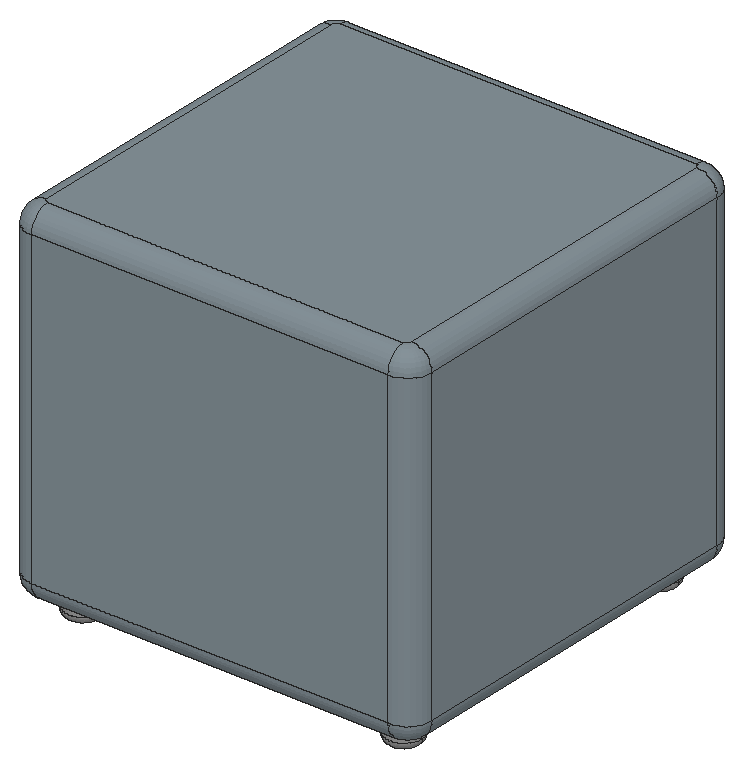
Revit family "Cube", category Furniture, Revit 2019
Family settings
  OmniClass Number = 23.40.00.00
  OmniClass Title = Equipment and Furnishings
  Work Plane-Based = No
  Always vertical = Yes
  Cut with Voids When Loaded = No
  Shared = No
  Room Calculation Point = No
Parameters (values of type "ES01")
  URL = "www.gof.co.uk"
  Seat = Gresham - Blue Fabric
  Range = "SEATING"
  Product Code = "ES01"
  Model = "CUBE"
  Manufacturer = "Gresham Office Funiture"  # constant formula
  Legs = no
  Glides = yes
  Castors = no
  Base Height = 25 mm
  Assembly Code = "E2020200"
Types (3, lengths in mm): name | Product Code | Legs | Glides | Castors | Base Height
  ES01 | "ES01" | no | yes | no | 25
  ES01C | "ES01C" | no | no | yes | 72
  ES01M | "ES01M" | yes | no | no | 100
Reference planes
  plane 1 "Center (Front/Back)": y = 0
  plane 2: z = 0
  plane 3 "Center (Left/Right)": x = 0
  plane 4 "Base": z = 25
  plane 5 "Top": z = 460
  plane 6 "Legs": z = 100
  plane 7 "Castors": z = 71.902
  plane 8 "Foot": z = 25
Forms (mm)
  Extrusion 1, solid, material "Gresham - Blue Fabric" <- "Seat"
    sketch origin (0, 0, 25) x (0, -1, 0) y (1, 0, 0)
      loop
        line (-250, 220) -> (-250, -220)
        arc (-250, -220) -> (-241.213, -241.213) -> (-220, -250) r 30
        line (-220, -250) -> (220, -250)
        arc (220, -250) -> (241.213, -241.213) -> (250, -220) r 30
        line (250, -220) -> (250, 220)
        arc (250, 220) -> (241.213, 241.213) -> (220, 250) r 30
        line (220, 250) -> (-220, 250)
        arc (-220, 250) -> (-241.213, 241.213) -> (-250, 220) r 30
    from 0 to 435
  Sweep 2, void
    path in 3D
      loop
        arc (250, 220, 460) -> (241.213, 241.213, 460) -> (220, 250, 460) r 30
        line (220, 250, 460) -> (-220, 250, 460)
        arc (-220, 250, 460) -> (-241.213, 241.213, 460) -> (-250, 220, 460) r 30
        line (-250, 220, 460) -> (-250, -220, 460)
        arc (-250, -220, 460) -> (-241.213, -241.213, 460) -> (-220, -250, 460) r 30
        line (-220, -250, 460) -> (220, -250, 460)
        arc (220, -250, 460) -> (241.213, -241.213, 460) -> (250, -220, 460) r 30
        line (250, -220, 460) -> (250, 220, 460)
    profile origin (250, 0, 460) x (-1, 0, 0) y (0, 0, 1)
      loop
        line (0, 0) -> (0, -25)
        arc (0, -25) -> (7.322, -7.322) -> (25, 0) r 25
        line (25, 0) -> (0, 0)
  Sweep 3, void
    path in 3D
      loop
        arc (250, 220, 25) -> (241.213, 241.213, 25) -> (220, 250, 25) r 30
        line (220, 250, 25) -> (-220, 250, 25)
        arc (-220, 250, 25) -> (-241.213, 241.213, 25) -> (-250, 220, 25) r 30
        line (-250, 220, 25) -> (-250, -220, 25)
        arc (-250, -220, 25) -> (-241.213, -241.213, 25) -> (-220, -250, 25) r 30
        line (-220, -250, 25) -> (220, -250, 25)
        arc (220, -250, 25) -> (241.213, -241.213, 25) -> (250, -220, 25) r 30
        line (250, -220, 25) -> (250, 220, 25)
    profile origin (250, 0, 25) x (1, 0, 0) y (0, 0, -1)
      loop
        line (0, 0) -> (-25, 0)
        arc (-25, 0) -> (-7.322, -7.322) -> (0, -25) r 25
        line (0, -25) -> (0, 0)
  Revolve 4, solid, material "Gresham - BLACK PLASTIC", visible <- "Glides"
    sketch origin (16.138, -197.99, 0) x (1, 0, 0) y (0, 0, 1)
      loop
        line (181.852, 25) -> (181.852, 0) -> (194.352, 0)
        arc (194.352, 0) -> (201.423, 2.929) -> (204.352, 10) r 10
        line (204.352, 10) -> (204.352, 25) -> (181.852, 25)
      axis (181.852, 25) -> (181.852, 0)
    angle from 0 to 360
  Revolve 5, solid, material "Gresham - BLACK PLASTIC", visible <- "Glides"
    sketch origin (-16.138, -197.99, 0) x (-1, 0, 0) y (0, 0, -1)
      loop
        line (181.852, -25) -> (204.352, -25) -> (204.352, -10)
        arc (204.352, -10) -> (201.423, -2.929) -> (194.352, 0) r 10
        line (194.352, 0) -> (181.852, 0) -> (181.852, -25)
      axis (181.852, -25) -> (181.852, 0)
    angle from 0 to 360
  Revolve 6, solid, material "Gresham - BLACK PLASTIC", visible <- "Glides"
    sketch origin (16.138, 197.99, 0) x (1, 0, 0) y (0, 0, -1)
      loop
        line (181.852, -25) -> (204.352, -25) -> (204.352, -10)
        arc (204.352, -10) -> (201.423, -2.929) -> (194.352, 0) r 10
        line (194.352, 0) -> (181.852, 0) -> (181.852, -25)
      axis (181.852, -25) -> (181.852, 0)
    angle from 0 to 360
  Revolve 7, solid, material "Gresham - BLACK PLASTIC", visible <- "Glides"
    sketch origin (-16.138, 197.99, 0) x (-1, 0, 0) y (0, 0, 1)
      loop
        line (181.852, 25) -> (181.852, 0) -> (194.352, 0)
        arc (194.352, 0) -> (201.423, 2.929) -> (204.352, 10) r 10
        line (204.352, 10) -> (204.352, 25) -> (181.852, 25)
      axis (181.852, 25) -> (181.852, 0)
    angle from 0 to 360
  Extrusion 8, solid, material "Gresham - BLACK PLASTIC", visible <- "Castors"
    sketch origin (-17.219, 17.219, -4.785) x (0.707107, 0.707107, 0) y (-0.707107, 0.707107, 0)
      loop
        circle (0, -304.351) r 13
    from 37.285 to 76.687
  Extrusion 9, solid, material "Gresham - BLACK PLASTIC", visible <- "Castors"
    sketch origin (-29.947, 29.947, -4.785) x (-0.707107, 0.707107, 0) y (0, 0, 1)
      loop
        arc (-271.851, 37.285) -> (-304.351, 69.785) -> (-336.851, 37.285) r 32.5
        line (-336.851, 37.285) -> (-271.851, 37.285)
    from -10 to 10
  Revolve 10, solid, material "Gresham - BLACK PLASTIC", visible <- "Castors"
    sketch origin (185.262, -185.262, -4.785) x (0.707107, 0.707107, 0) y (0, 0, 1)
      loop
        line (11, 69.785) -> (11, 37.285) -> (26, 37.285) -> (26, 59.785)
        arc (26, 59.785) -> (23.071, 66.856) -> (16, 69.785) r 10
        line (16, 69.785) -> (11, 69.785)
      axis (11, 37.285) -> (26, 37.285)
    angle from 0 to 360
  Extrusion 11, void
    sketch origin (-17.219, 17.219, -4.785) x (-0.707107, 0.707107, 0) y (0, 0, 1)
      loop
        circle (-286.351, 37.285) r 25
    from 30.046 to 22.621
  Revolve 12, solid, material "Gresham - BLACK PLASTIC", visible <- "Castors"
    sketch origin (185.262, -185.262, -4.785) x (-0.707107, -0.707107, 0) y (0, 0, -1)
      loop
        line (11, -69.785) -> (16, -69.785)
        arc (16, -69.785) -> (23.071, -66.856) -> (26, -59.785) r 10
        line (26, -59.785) -> (26, -37.285) -> (11, -37.285) -> (11, -69.785)
      axis (11, -37.285) -> (26, -37.285)
    angle from 0 to 360
  Extrusion 13, void
    sketch origin (-17.219, 17.219, -4.785) x (-0.707107, 0.707107, 0) y (0, 0, -1)
      loop
        circle (-286.351, -37.285) r 25
    from 30.046 to 22.621
  Extrusion 14, solid, material "Gresham - BLACK PLASTIC", visible <- "Castors", not visible
    sketch origin (0, 0, -4.785) x (-0.809017, 0.587785, 0) y (-0.587785, -0.809017, 0)
      loop
        circle (0, -304.351) r 13
    from 37.285 to 76.687
  Extrusion 15, solid, material "Gresham - BLACK PLASTIC", visible <- "Castors", not visible
    sketch origin (-10.58, -14.562, -4.785) x (-0.587785, -0.809017, 0) y (0, 0, 1)
      loop
        arc (-271.851, 37.285) -> (-304.351, 69.785) -> (-336.851, 37.285) r 32.5
        line (-336.851, 37.285) -> (-271.851, 37.285)
    from -10 to 10
  Revolve 16, solid, material "Gresham - BLACK PLASTIC", visible <- "Castors", not visible
    sketch origin (168.313, 231.663, -4.785) x (-0.809017, 0.587785, 0) y (0, 0, 1)
      loop
        line (11, 69.785) -> (11, 37.285) -> (26, 37.285) -> (26, 59.785)
        arc (26, 59.785) -> (23.071, 66.856) -> (16, 69.785) r 10
        line (16, 69.785) -> (11, 69.785)
      axis (11, 37.285) -> (26, 37.285)
    angle from 0 to 360
  Extrusion 17, void, not visible
    sketch origin (0, 0, -4.785) x (-0.587785, -0.809017, 0) y (0, 0, 1)
      loop
        circle (-286.351, 37.285) r 25
    from 30.046 to 22.621
  Revolve 18, solid, material "Gresham - BLACK PLASTIC", visible <- "Castors", not visible
    sketch origin (168.313, 231.663, -4.785) x (0.809017, -0.587785, 0) y (0, 0, -1)
      loop
        line (11, -69.785) -> (16, -69.785)
        arc (16, -69.785) -> (23.071, -66.856) -> (26, -59.785) r 10
        line (26, -59.785) -> (26, -37.285) -> (11, -37.285) -> (11, -69.785)
      axis (11, -37.285) -> (26, -37.285)
    angle from 0 to 360
  Extrusion 19, void, not visible
    sketch origin (0, 0, -4.785) x (-0.587785, -0.809017, 0) y (0, 0, -1)
      loop
        circle (-286.351, -37.285) r 25
    from 30.046 to 22.621
  Extrusion 20, solid, material "Gresham - BLACK PLASTIC", visible <- "Castors"
    sketch origin (-17.219, 413.199, -4.785) x (0.707107, 0.707107, 0) y (-0.707107, 0.707107, 0)
      loop
        circle (0, -304.351) r 13
    from 37.285 to 76.687
  Extrusion 21, solid, material "Gresham - BLACK PLASTIC", visible <- "Castors"
    sketch origin (-29.947, 425.927, -4.785) x (-0.707107, 0.707107, 0) y (0, 0, 1)
      loop
        arc (-271.851, 37.285) -> (-304.351, 69.785) -> (-336.851, 37.285) r 32.5
        line (-336.851, 37.285) -> (-271.851, 37.285)
    from -10 to 10
  Revolve 22, solid, material "Gresham - BLACK PLASTIC", visible <- "Castors"
    sketch origin (185.262, 210.718, -4.785) x (0.707107, 0.707107, 0) y (0, 0, 1)
      loop
        line (11, 69.785) -> (11, 37.285) -> (26, 37.285) -> (26, 59.785)
        arc (26, 59.785) -> (23.071, 66.856) -> (16, 69.785) r 10
        line (16, 69.785) -> (11, 69.785)
      axis (11, 37.285) -> (26, 37.285)
    angle from 0 to 360
  Extrusion 23, void
    sketch origin (-17.219, 413.199, -4.785) x (-0.707107, 0.707107, 0) y (0, 0, 1)
      loop
        circle (-286.351, 37.285) r 25
    from 30.046 to 22.621
  Revolve 24, solid, material "Gresham - BLACK PLASTIC", visible <- "Castors"
    sketch origin (185.262, 210.718, -4.785) x (-0.707107, -0.707107, 0) y (0, 0, -1)
      loop
        line (11, -69.785) -> (16, -69.785)
        arc (16, -69.785) -> (23.071, -66.856) -> (26, -59.785) r 10
        line (26, -59.785) -> (26, -37.285) -> (11, -37.285) -> (11, -69.785)
      axis (11, -37.285) -> (26, -37.285)
    angle from 0 to 360
  Extrusion 25, void
    sketch origin (-17.219, 413.199, -4.785) x (-0.707107, 0.707107, 0) y (0, 0, -1)
      loop
        circle (-286.351, -37.285) r 25
    from 30.046 to 22.621
  Extrusion 26, solid, material "Gresham - BLACK PLASTIC", visible <- "Castors"
    sketch origin (-413.199, 413.199, -4.785) x (0.707107, 0.707107, 0) y (-0.707107, 0.707107, 0)
      loop
        circle (0, -304.351) r 13
    from 37.285 to 76.687
  Extrusion 27, solid, material "Gresham - BLACK PLASTIC", visible <- "Castors"
    sketch origin (-425.927, 425.927, -4.785) x (-0.707107, 0.707107, 0) y (0, 0, 1)
      loop
        arc (-271.851, 37.285) -> (-304.351, 69.785) -> (-336.851, 37.285) r 32.5
        line (-336.851, 37.285) -> (-271.851, 37.285)
    from -10 to 10
  Revolve 28, solid, material "Gresham - BLACK PLASTIC", visible <- "Castors"
    sketch origin (-210.718, 210.718, -4.785) x (0.707107, 0.707107, 0) y (0, 0, 1)
      loop
        line (11, 69.785) -> (11, 37.285) -> (26, 37.285) -> (26, 59.785)
        arc (26, 59.785) -> (23.071, 66.856) -> (16, 69.785) r 10
        line (16, 69.785) -> (11, 69.785)
      axis (11, 37.285) -> (26, 37.285)
    angle from 0 to 360
  Extrusion 29, void
    sketch origin (-413.199, 413.199, -4.785) x (-0.707107, 0.707107, 0) y (0, 0, 1)
      loop
        circle (-286.351, 37.285) r 25
    from 30.046 to 22.621
  Revolve 30, solid, material "Gresham - BLACK PLASTIC", visible <- "Castors"
    sketch origin (-210.718, 210.718, -4.785) x (-0.707107, -0.707107, 0) y (0, 0, -1)
      loop
        line (11, -69.785) -> (16, -69.785)
        arc (16, -69.785) -> (23.071, -66.856) -> (26, -59.785) r 10
        line (26, -59.785) -> (26, -37.285) -> (11, -37.285) -> (11, -69.785)
      axis (11, -37.285) -> (26, -37.285)
    angle from 0 to 360
  Extrusion 31, void
    sketch origin (-413.199, 413.199, -4.785) x (-0.707107, 0.707107, 0) y (0, 0, -1)
      loop
        circle (-286.351, -37.285) r 25
    from 30.046 to 22.621
  Extrusion 32, solid, material "Gresham - BLACK PLASTIC", visible <- "Castors"
    sketch origin (-413.199, 17.219, -4.785) x (0.707107, 0.707107, 0) y (-0.707107, 0.707107, 0)
      loop
        circle (0, -304.351) r 13
    from 37.285 to 76.687
  Extrusion 33, solid, material "Gresham - BLACK PLASTIC", visible <- "Castors"
    sketch origin (-425.927, 29.947, -4.785) x (-0.707107, 0.707107, 0) y (0, 0, 1)
      loop
        arc (-271.851, 37.285) -> (-304.351, 69.785) -> (-336.851, 37.285) r 32.5
        line (-336.851, 37.285) -> (-271.851, 37.285)
    from -10 to 10
  Revolve 34, solid, material "Gresham - BLACK PLASTIC", visible <- "Castors"
    sketch origin (-210.718, -185.262, -4.785) x (0.707107, 0.707107, 0) y (0, 0, 1)
      loop
        line (11, 69.785) -> (11, 37.285) -> (26, 37.285) -> (26, 59.785)
        arc (26, 59.785) -> (23.071, 66.856) -> (16, 69.785) r 10
        line (16, 69.785) -> (11, 69.785)
      axis (11, 37.285) -> (26, 37.285)
    angle from 0 to 360
  Extrusion 35, void
    sketch origin (-413.199, 17.219, -4.785) x (-0.707107, 0.707107, 0) y (0, 0, 1)
      loop
        circle (-286.351, 37.285) r 25
    from 30.046 to 22.621
  Revolve 36, solid, material "Gresham - BLACK PLASTIC", visible <- "Castors"
    sketch origin (-210.718, -185.262, -4.785) x (-0.707107, -0.707107, 0) y (0, 0, -1)
      loop
        line (11, -69.785) -> (16, -69.785)
        arc (16, -69.785) -> (23.071, -66.856) -> (26, -59.785) r 10
        line (26, -59.785) -> (26, -37.285) -> (11, -37.285) -> (11, -69.785)
      axis (11, -37.285) -> (26, -37.285)
    angle from 0 to 360
  Extrusion 37, void
    sketch origin (-413.199, 17.219, -4.785) x (-0.707107, 0.707107, 0) y (0, 0, -1)
      loop
        circle (-286.351, -37.285) r 25
    from 30.046 to 22.621
  Revolve 38, solid, material "Gresham - Chrome", visible <- "Legs"
    sketch origin (-109.911, -197.99, 0) x (1, 0, 0) y (0, 0, 1)
      loop
        line (307.901, 100) -> (307.901, 0) -> (347.901, 0) -> (347.901, 4)
        arc (347.901, 4) -> (345.558, 9.657) -> (339.901, 12) r 8
        line (339.901, 12) -> (337.901, 12) -> (337.901, 100) -> (307.901, 100)
      axis (307.901, 100) -> (307.901, 0)
    angle from 0 to 360
  Revolve 39, solid, material "Gresham - Chrome", visible <- "Legs"
    sketch origin (109.911, -197.99, 0) x (-1, 0, 0) y (0, 0, -1)
      loop
        line (307.901, -100) -> (337.901, -100) -> (337.901, -12) -> (339.901, -12)
        arc (339.901, -12) -> (345.558, -9.657) -> (347.901, -4) r 8
        line (347.901, -4) -> (347.901, 0) -> (307.901, 0) -> (307.901, -100)
      axis (307.901, -100) -> (307.901, 0)
    angle from 0 to 360
  Revolve 40, solid, material "Gresham - Chrome", visible <- "Legs"
    sketch origin (-109.911, 197.99, 0) x (1, 0, 0) y (0, 0, -1)
      loop
        line (307.901, -100) -> (337.901, -100) -> (337.901, -12) -> (339.901, -12)
        arc (339.901, -12) -> (345.558, -9.657) -> (347.901, -4) r 8
        line (347.901, -4) -> (347.901, 0) -> (307.901, 0) -> (307.901, -100)
      axis (307.901, -100) -> (307.901, 0)
    angle from 0 to 360
  Revolve 41, solid, material "Gresham - Chrome", visible <- "Legs"
    sketch origin (109.911, 197.99, 0) x (-1, 0, 0) y (0, 0, 1)
      loop
        line (307.901, 100) -> (307.901, 0) -> (347.901, 0) -> (347.901, 4)
        arc (347.901, 4) -> (345.558, 9.657) -> (339.901, 12) r 8
        line (339.901, 12) -> (337.901, 12) -> (337.901, 100) -> (307.901, 100)
      axis (307.901, 100) -> (307.901, 0)
    angle from 0 to 360
Cuts and joins
  Sweep 2, Sweep 3 cuts Extrusion 1
  Extrusion 11, Extrusion 23, Extrusion 35 cuts Revolve 10
  Extrusion 13, Extrusion 25, Extrusion 37 cuts Revolve 12
  Extrusion 23, Extrusion 29 cuts Revolve 22
  Extrusion 25, Extrusion 31 cuts Revolve 24
  Extrusion 29 cuts Revolve 28
  Extrusion 31 cuts Revolve 30
  Extrusion 35 cuts Revolve 34
  Extrusion 37 cuts Revolve 36
Lines and regions (mm)
  sketch lines
    curve 1: line (250, -220, 460) -> (250, 220, 460)
    curve 2: arc (250, -220, 460) -> (241.213, -241.213, 460) -> (220, -250, 460) r 30
    curve 3: line (-220, -250, 460) -> (220, -250, 460)
    curve 4: arc (220, 250, 460) -> (241.213, 241.213, 460) -> (250, 220, 460) r 30
    curve 5: line (220, 250, 460) -> (-220, 250, 460)
    curve 6: arc (-250, 220, 460) -> (-241.213, 241.213, 460) -> (-220, 250, 460) r 30
    curve 7: line (-250, 220, 460) -> (-250, -220, 460)
    curve 8: arc (-220, -250, 460) -> (-241.213, -241.213, 460) -> (-250, -220, 460) r 30
    curve 9: line (250, -220, 25) -> (250, 220, 25)
    curve 10: arc (250, -220, 25) -> (241.213, -241.213, 25) -> (220, -250, 25) r 30
    curve 11: line (-220, -250, 25) -> (220, -250, 25)
    curve 12: arc (220, 250, 25) -> (241.213, 241.213, 25) -> (250, 220, 25) r 30
    curve 13: line (220, 250, 25) -> (-220, 250, 25)
    curve 14: arc (-250, 220, 25) -> (-241.213, 241.213, 25) -> (-220, 250, 25) r 30
    curve 15: line (-250, 220, 25) -> (-250, -220, 25)
    curve 16: arc (-220, -250, 25) -> (-241.213, -241.213, 25) -> (-250, -220, 25) r 30
Dimensions and locks
  locked: Extrusion 1 sketch curve to Extrusion 1 sketch curve at 500  (x2)
  level to plane 6 "Legs" = 100 mm
  "Base Height": level to plane 4 "Base"
  level to plane 7 "Castors" = 71.902 mm
  plane 5 "Top" to level = 460 mm
  level to plane 8 "Foot" = 25 mm
  equal spacing: Revolve 7, plane 3 "Center (Left/Right)", Revolve 6
  equal spacing: Revolve 4, plane 1 "Center (Front/Back)", Revolve 6
  equal spacing: Revolve 39, plane 3 "Center (Left/Right)", Revolve 38
  equal spacing: Revolve 39, plane 1 "Center (Front/Back)", Revolve 41
  aligned and locked: level to plane 2
  aligned and locked: plane 5 "Top" to Extrusion 1
  aligned and locked: plane 4 "Base" to Extrusion 1
  aligned and locked: Sweep 3 sketch curve to plane 4 "Base"
  aligned and locked: plane 8 "Foot" to Revolve 5
  aligned and locked: Revolve 4 to plane 8 "Foot"
  aligned and locked: Revolve 7 to plane 8 "Foot"
  aligned and locked: plane 8 "Foot" to Revolve 6
  aligned and locked: plane 6 "Legs" to Revolve 39
  aligned and locked: Revolve 41 to plane 6 "Legs"
  aligned and locked: Revolve 38 to plane 6 "Legs"
  aligned and locked: plane 6 "Legs" to Revolve 40
Automatic sketch dimensions
  Extrusion 1 sketch curve to plane 1 "Center (Front/Back)" = 250 mm
  Extrusion 1 sketch curve to Extrusion 1 sketch curve = 30 mm  (x4)
  Extrusion 1 sketch curve to plane 3 "Center (Left/Right)" = 250 mm
  Sweep 2 sketch curve to profile plane = 0 mm  (x2)
  Sweep 2 sketch curve to profile plane = 25 mm
  profile plane to Sweep 3 sketch curve = 0 mm
  Sweep 3 sketch curve to Sweep 3 sketch curve = 25 mm
  Revolve 4 sketch curve to plane 8 "Foot" = 0 mm
  Revolve 4 sketch curve to level = 0 mm
  plane 3 "Center (Left/Right)" to Revolve 4 sketch curve = 197.99 mm
  Revolve 4 sketch curve to Revolve 4 sketch curve = 12.5 mm
  Revolve 4 sketch curve to Revolve 4 sketch curve = 10 mm
  plane 4 "Base" to Revolve 4 sketch curve = 10.914 mm
  Revolve 4 sketch curve to Revolve 4 sketch curve = 0 mm
  Revolve 4 sketch curve to Revolve 4 sketch curve = 14.248 mm
  Revolve 5 sketch curve to plane 8 "Foot" = 0 mm
  Revolve 5 sketch curve to level = 0 mm
  Revolve 5 sketch curve to plane 3 "Center (Left/Right)" = 197.99 mm
  Revolve 5 sketch curve to Revolve 5 sketch curve = 12.5 mm
  Revolve 5 sketch curve to Revolve 5 sketch curve = 10 mm
  plane 7 "Castors" to Revolve 5 sketch curve = 10.816 mm
  Revolve 5 sketch curve to Revolve 5 sketch curve = 0 mm
  Revolve 5 sketch curve to Revolve 5 sketch curve = 14.248 mm
  Revolve 6 sketch curve to plane 8 "Foot" = 0 mm
  Revolve 6 sketch curve to level = 0 mm
  plane 3 "Center (Left/Right)" to Revolve 6 sketch curve = 197.99 mm
  Revolve 6 sketch curve to Revolve 6 sketch curve = 12.5 mm
  Revolve 6 sketch curve to Revolve 6 sketch curve = 10 mm
  plane 4 "Base" to Revolve 6 sketch curve = 10.914 mm
  Revolve 6 sketch curve to Revolve 6 sketch curve = 0 mm
  Revolve 6 sketch curve to Revolve 6 sketch curve = 14.248 mm
  Revolve 7 sketch curve to plane 8 "Foot" = 0 mm
  Revolve 7 sketch curve to level = 0 mm
  Revolve 7 sketch curve to plane 3 "Center (Left/Right)" = 197.99 mm
  Revolve 7 sketch curve to Revolve 7 sketch curve = 12.5 mm
  Revolve 7 sketch curve to Revolve 7 sketch curve = 10 mm
  plane 7 "Castors" to Revolve 7 sketch curve = 10.816 mm
  Revolve 7 sketch curve to Revolve 7 sketch curve = 0 mm
  Revolve 7 sketch curve to Revolve 7 sketch curve = 14.248 mm
  Revolve 38 sketch curve to plane 4 "Base" = 75 mm
  Revolve 38 sketch curve to level = 0 mm
  plane 3 "Center (Left/Right)" to Revolve 38 sketch curve = 197.99 mm
  Revolve 38 sketch curve to Revolve 38 sketch curve = 30 mm  (x2)
  Revolve 38 sketch curve to Revolve 38 sketch curve = 2 mm
  Revolve 38 sketch curve to Revolve 38 sketch curve = 8 mm
  level to Revolve 38 sketch curve = 4 mm
  plane 7 "Castors" to Revolve 38 sketch curve = 21.902 mm
  Revolve 38 sketch curve to level = 25 mm
  Revolve 39 sketch curve to plane 4 "Base" = 75 mm
  Revolve 39 sketch curve to level = 0 mm
  Revolve 39 sketch curve to plane 3 "Center (Left/Right)" = 197.99 mm
  Revolve 39 sketch curve to Revolve 39 sketch curve = 30 mm  (x2)
  Revolve 39 sketch curve to Revolve 39 sketch curve = 2 mm
  Revolve 39 sketch curve to Revolve 39 sketch curve = 8 mm
  level to Revolve 39 sketch curve = 12 mm
  plane 7 "Castors" to Revolve 39 sketch curve = 21.902 mm
  Revolve 39 sketch curve to level = 25 mm
  Revolve 40 sketch curve to plane 4 "Base" = 75 mm
  Revolve 40 sketch curve to level = 0 mm
  plane 3 "Center (Left/Right)" to Revolve 40 sketch curve = 197.99 mm
  Revolve 40 sketch curve to Revolve 40 sketch curve = 30 mm  (x2)
  Revolve 40 sketch curve to Revolve 40 sketch curve = 2 mm
  Revolve 40 sketch curve to Revolve 40 sketch curve = 8 mm
  level to Revolve 40 sketch curve = 12 mm
  plane 7 "Castors" to Revolve 40 sketch curve = 21.902 mm
  Revolve 40 sketch curve to level = 25 mm
  Revolve 41 sketch curve to plane 4 "Base" = 75 mm
  Revolve 41 sketch curve to level = 0 mm
  Revolve 41 sketch curve to plane 3 "Center (Left/Right)" = 197.99 mm
  Revolve 41 sketch curve to Revolve 41 sketch curve = 30 mm  (x2)
  Revolve 41 sketch curve to Revolve 41 sketch curve = 2 mm
  Revolve 41 sketch curve to Revolve 41 sketch curve = 8 mm
  level to Revolve 41 sketch curve = 4 mm
  plane 7 "Castors" to Revolve 41 sketch curve = 21.902 mm
  Revolve 41 sketch curve to level = 25 mm
